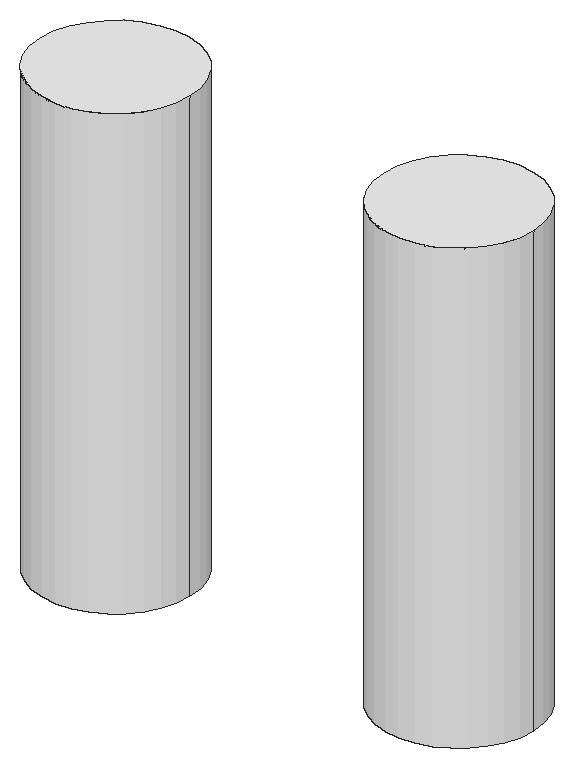
Revit family "65412079(2020)", category Plumbing Fixtures, Revit 2018
Family settings
  Round Connector Dimension = Use Diameter
  Part Type = Normal
  OmniClass Number = 23.45.55.00
  OmniClass Title = Sanitary Faucets, Wastes
  Work Plane-Based = No
  Always vertical = Yes
  Cut with Voids When Loaded = No
  Shared = No
  Room Calculation Point = No
Parameters (values of type "65412079 Washbasin faucet, 12 V, Bluetooth ")
  WorkingPressure = "50 - 1000 kPa"
  Working Pressure = "50 - 1000 kPa"
  WarrantyStartDate [instance] = "n/a"
  WarrantyGuarantorParts = "n/a"
  WarrantyGuarantorLabor = "n/a"
  WarrantyDurationUnit = "Year"
  WarrantyDurationParts = "n/a"
  WarrantyDurationLabor = "n/a"
  WarrantyDescription = "http://warranty.hansa.com"
  Warranty Information URL = "http://warranty.hansa.com"
  VersionDate = "01/07/2022"
  Version = "2"
  ValvePattern = "n/a"
  ValveOperation = "n/a"
  ValveMechanism = "n/a"
  Uniclass2015Reference = "Pr_40_20_87_96"
  Uniclass2015Description = "Washbasin manual water supply sets"
  Uniclass2 = "Pr_40_30_96_96"
  URL WEEE = "http://www.hansa.com/fileadmin/resources/153036_WEEE.pdf"
  URL REACH = "http://static.hansa.com/doc/reach"
  URL Declaration of Conformity = "http://static.hansa.com/DoC/65412079"
  URL = ""
  UNSPSC Class Number = "30181700 Faucets or taps"
  TestPressure = "n/a"
  Temperature Adjustments = "Adjustable hot water stop (included, retrofittable)"
  Temperature = "Temperature limiter (retrofittable)"
  Technical DataSheet URL = "http://www.hansa.com/datasheet/65412079/en"
  TagNumber [instance] = "n/a"
  SustainabilityPerformance = "n/a"
  Surface treatment = "Chrome"
  Spout Type = "Fixed spout"
  Spout Projection = "85 mm"
  Spare-Part Information URL = "http://static.hansa.com/sp/65412079"
  Size = "70x135x125 mm"
  Shape = "Sculptured"
  SerialNumber [instance] = "n/a"
  Sales Package dimensions (LxWxH) = "290 x 210 x 90"
  Revision = "1"
  ReplacementCost = "n/a"
  Protection Class = "IP 55"
  ProductInformation = "n/a"
  Product URL = "http://static.hansa.com/65412079"
  Product Image URL = "http://static.hansa.com/image/65412079"
  Product Family = "HANSAFIT "
  Product Code = "65412079"
  Pressure Loss With Flow 01ls = 200000.0 Pa
  OperatingMechanismMaterial = "n/a"
  Operating Voltage = 912 V
  Operating Distance = "20-130 mm (110/130/160 mm)"
  NominalWidth = 69.5 mm
  NominalHeight = 125 mm
  NominalDepth = 135 mm
  Noise Class = "I (ISO 3822)"
  Name_en = "65412079 Washbasin faucet, 12 V, Bluetooth"
  Name = "65412079 Washbasin faucet, 12 V, Bluetooth"
  NBSReference = "45-35-70/371"
  NBSDescription = "Water supply fittings for wash basins and troughs"
  Mounting Holes = "1 hole"
  ModelReference = "65412079"
  ModelNumber = "n/a"
  Model = "65412079 Washbasin faucet, 12 V, Bluetooth"
  Mobile Product Information URL = "http://mpi.hansa.com/65412079"
  Mechanical Parts = "Mixing valve for manual temperature control;Non-return valve(s);Litter filter(s)"
  Max. Hot Water Supply = 70 °C
  Max Flow Period = "2 min (1 - 1800 s)"
  Material = "Brass"
  Market = "International;Germany;Austria;Switzerland;Belgium;Netherlands;France;Czech Republic;Slovakia;Hungary;Romania;Italy;Spain;Greece;Portugal"
  ManufacturerURL = "http://www.hansa.com"
  ManufacturerName = "HANSA"
  Manufacturer = "HANSA"
  Lever Handle = "Temperature control handle"
  Interactive AR View URL = "https://static.hansa.com/AR/65412079"
  InstallationDate [instance] = "n/a"
  Installation and Maintenance Guide URL = "http://static.hansa.com/manual/65412079"
  Installation Type = "Deck mounted"
  InletConnectionSize = 10 mm
  IfcExportType = "FAUCET"  # constant formula
  IfcExportAs = "IfcValveType"  # constant formula
  Group = "Washbasin faucet"
  Grade = "n/a"
  FlowCoefficient = 0
  Flow Rate At 300kPa With Flow Controller = 0.08 L/s
  Flow Drawing URL = "http://static.hansa.com/flowchart/65412079"
  Finish = "Polished"
  Features = "Touchless;External transformer;Bluetooth®"
  FaucetMainMaterial = Brass
  FDV Document URL = "http://www.hansa.com/datasheet/65412079/en/fdv"
  ExpectedLife = "n/a"
  Excluded Items = "Without transformer;Without pop-up waste;Without draw-rod opening"
  Electronic Parts = "Autofocus infrared sensor;Solenoid valve"
  Electrical Connection = "9 / 12 V"
  ETIM Class Number = "EC010340 Electronic tap"
  EN Standard = "EN 15091"
  EMC Directive = "2014/53/EU , 2011/65/EU"
  EAN Number = "4057304015649"
  DurationUnit = "Year"
  Dimension Drawing URL = "http://static.hansa.com/dimdrw/65412079"
  Description = ""
  DefaultElevation [instance] = 900 mm
  Constituents = "Single lever"
  Connection Size = "G3/8"
  Connection = "Flexible inlet pipes"
  Color = "Chrome"
  CodePerformance = "n/a"
  CloseOffRating = 0
  Category = "Bathroom;Public & Semi-public"
  Catalog Drawing URL = "http://static.hansa.com/catdrw/65412079"
  Brand = "HANSA"
  BodyMaterial = "Brass"
  Bluetooth = "4.x"
  Barcode [instance] = "n/a"
  Backflow Prevention EN1717 = "AA"
  BIMObjectName = "65412079(2020)"
  Automatic Flush Period = "30 s (1-1800 s)"
  Automatic Flush Frequency = "off (off/1-120 h)"
  Author = "BIMStone"
  AssetType = "Fixed"
  AssetIdentifier [instance] = "n/a"
  Afterflow Period = "3 s (1-20 s)"
  Aerator = "Hidden aerator"
  Advanced Features = "Software settings adjustable via App"
  AccessibilityPerformance = "n/a"
  3D View = "https://static.hansa.com/3D/65412079"
  2D/3D/BIM Files URL = "http://static.hansa.com/bim/65412079"
Reference planes
  plane 1 "Center (Front/Back)": y = 0
  plane 2: z = 0
  plane 3 "Center (Left/Right)": x = 0
  plane 4: x = -30
  plane 5: z = 1025
  plane 6: z = 900
  plane 7: z = 870
  plane 8: y = -135
  plane 9: x = 30
  plane 10: x = 39.5
Forms (mm)
  Extrusion 1, solid, material "Brass" <- "FaucetMainMaterial"
    sketch origin (0, -7.508, 0) x (1, 0, 0) y (0, 1, 0)
      loop
        circle (-11.5, -22.5) r 5
      loop
        circle (11.5, -22.5) r 5
    from 870 to 900
Dimensions and locks
  "NominalHeight": plane 5 to plane 6
  "DefaultElevation": plane 6 to level
  locked: plane 6 to plane 7 at 30
  "NominalDepth": plane 8 to plane 1 "Center (Front/Back)"
  equal spacing: plane 4, plane 3 "Center (Left/Right)", plane 9
  "NominalWidth": plane 4 to plane 10
  locked: plane 9 to plane 10 at 9.5
  "InletConnectionSize": diameter of Extrusion 1 sketch curve  (x2)
  aligned and locked: level to plane 2
  aligned and locked: plane 6 to Extrusion 1
  aligned and locked: Extrusion 1 to plane 7
  aligned and locked: plane 3 "Center (Left/Right)" to nested 2
  aligned and locked: plane 1 "Center (Front/Back)" to nested 2
  aligned and locked: nested 2 to plane 6
Automatic sketch dimensions
  Extrusion 1 sketch curve to plane 3 "Center (Left/Right)" = 11.5 mm
  plane 3 "Center (Left/Right)" to Extrusion 1 sketch curve = 11.5 mm
  plane 1 "Center (Front/Back)" to Extrusion 1 sketch curve = 30.008 mm  (x2)
Nested families
  nested 1: "Symbol" at (0, 0, 0), type "Symbol", detail levels coarse
  nested 2: "65412079_p" at (0, 0, 900), Material <- "FaucetMainMaterial", type "65412079_p"
    with Material Brass
Connectors
  piping at (-11.5, -30.008, 870), diameter 10, driven by "InletConnectionSize"
    settings: on Extrusion 1, index 1, connector inside diameter 609.6 mm, connector length 0 mm, flow factor 0, pipe flow 0.08 L/s, pressure drop 0.0 Pa, fitting loss kfactor 0, connector angle 0.00°, fixture units 0, engagement length 0 mm, angle of deflection 0.00°, flow configuration 1, flow direction 1, fitting loss method 0, system type 19, joint type 0, gender type 0, connector reference index -1, connector utility 0, adjustable connector no, is connector primary yes, connector description ""
  piping at (11.5, -30.008, 870), diameter 10, driven by "InletConnectionSize"
    settings: on Extrusion 1, index 2, connector inside diameter 609.6 mm, connector length 0 mm, flow factor 0, pipe flow 0.08 L/s, pressure drop 0.0 Pa, fitting loss kfactor 0, connector angle 0.00°, fixture units 0, engagement length 0 mm, angle of deflection 0.00°, flow configuration 1, flow direction 1, fitting loss method 0, system type 20, joint type 0, gender type 0, connector reference index -1, connector utility 0, adjustable connector no, is connector primary no, connector description ""
Definition of nested family "Symbol"
  Reference planes
    plane 1: y = 0
    plane 2: x = 0
  Lines and regions (mm)
    detail lines
      curve 1: line (0, 0, 0) -> (0, -1.8, 0)
      curve 2: line (-0.4, -1.1, 0) -> (0.4, -1.1, 0)
      curve 3: line (-0.4, -1.4, 0) -> (0.4, -1.4, 0)
      curve 4: line (0.863, 0, 0) -> (-0.863, 0, 0)
      curve 5: circle (-1.163, 0, 0) r 0.3 normal (0, 0, -1)
      curve 6: circle (1.163, 0, 0) r 0.3 normal (0, 0, 1)
Definition of nested family "65412079_p"
  Parameters (values of type "65412079_p")
    Material [instance] = none
  Reference planes
    plane 1 "Center (Front/Back)": y = 0
    plane 2: z = 0
    plane 3 "Center (Left/Right)": x = 0
    plane 4: x = -30
    plane 5: z = 125
    plane 6: x = 39.5
    plane 7: x = 30
    plane 8: y = -135
  Forms (mm)
    Extrusion 1, solid, material <- "Material", detail levels medium
      sketch origin (0, 0, -900) x (0, 1, 0) y (0, 0, 1)
        loop
          line (0, 900) -> (-15.35, 1025) -> (-135, 987.771) -> (-104.1, 966.135) -> (-63.919, 974.771) -> (-60, 900) -> (0, 900)
      from -30 to 30
    Extrusion 2, solid, material <- "Material", detail levels medium
      sketch origin (0, 0, -900) x (0, 1, 0) y (0, 0, 1)
        loop
          arc (-39.299, 920.025) -> (-31.49, 910.287) -> (-23.681, 920.025) r 8
          line (-23.681, 920.025) -> (-27.649, 937.85) -> (-35.332, 937.85) -> (-39.299, 920.025)
      from 30 to 39.5
    Extrusion 3, solid, material <- "Material", detail levels coarse
      sketch origin (0, 0, -900) x (1, 0, 0) y (0, 1, 0)
        loop
          line (-30, 0) -> (-30, -135) -> (39.5, -135) -> (39.5, 0) -> (-30, 0)
      from 900 to 1025
  Cuts and joins
    joined: Extrusion 1, Extrusion 2
  Lines and regions (mm)
    symbolic lines, detail levels medium+fine
      curve 1: spline (13.943, -128.56, 0) -> (12.274, -130.409, 0) -> (10.26, -131.998, 0) -> (7.958, -133.284, 0) -> (5.433, -134.228, 0) -> (2.755, -134.806, 0) -> (0, -135, 0) -> (-2.755, -134.806, 0) -> (-5.433, -134.228, 0) -> (-7.958, -133.284, 0) -> (-10.26, -131.998, 0) -> (-12.274, -130.409, 0) -> (-13.943, -128.56, 0)
      curve 3: line (16.878, -121.158, 0) -> (22.087, -50.302, 0)
      curve 5: spline (16.878, -121.158, 0) -> (16.857, -121.813, 0) -> (16.794, -122.466, 0) -> (16.69, -123.116, 0) -> (16.543, -123.762, 0) -> (16.356, -124.4, 0) -> (16.128, -125.031, 0) -> (15.859, -125.652, 0) -> (15.552, -126.262, 0) -> (15.205, -126.859, 0) -> (14.821, -127.442, 0) -> (14.4, -128.009, 0) -> (13.943, -128.56, 0)
      curve 6: line (-22.087, -50.302, 0) -> (-16.878, -121.158, 0)
      curve 8: arc (22.087, -50.302, 0) -> (25.85, -45.224, 0) -> (28.466, -39.471, 0) r 30
      curve 9: spline (-13.943, -128.56, 0) -> (-14.4, -128.009, 0) -> (-14.821, -127.442, 0) -> (-15.205, -126.859, 0) -> (-15.552, -126.262, 0) -> (-15.859, -125.652, 0) -> (-16.128, -125.031, 0) -> (-16.356, -124.4, 0) -> (-16.543, -123.762, 0) -> (-16.69, -123.116, 0) -> (-16.794, -122.466, 0) -> (-16.857, -121.813, 0) -> (-16.878, -121.158, 0)
      curve 12: line (35.255, -39.471, 0) -> (28.466, -39.471, 0)
      curve 14: arc (29.281, -23.471, 0) -> (-13.889, -3.409, 0) -> (-22.087, -50.302, 0) r 30
      curve 16: spline (35.255, -39.471, 0) -> (36.353, -39.198, 0) -> (37.377, -38.399, 0) -> (38.257, -37.128, 0) -> (38.931, -35.471, 0) -> (39.355, -33.541, 0) -> (39.5, -31.471, 0) -> (39.355, -29.4, 0) -> (38.931, -27.471, 0) -> (38.257, -25.814, 0) -> (37.377, -24.543, 0) -> (36.353, -23.743, 0) -> (35.255, -23.471, 0)
      curve 18: line (29.281, -23.471, 0) -> (35.255, -23.471, 0)
      curve 19: line (-30, 0, 0) -> (30, 0, 0)
      curve 20: line (30, 0, 0) -> (29.204, 0, 10.488)
      curve 21: line (-22.5, 0, 98.82) -> (-30, 0, 0)
      curve 22: spline (22.5, 0, 98.82) -> (21.733, 0, 105.596) -> (19.486, 0, 111.91) -> (15.91, 0, 117.332) -> (11.25, 0, 121.493) -> (5.823, 0, 124.108) -> (0, 0, 125) -> (-5.823, 0, 124.108) -> (-11.25, 0, 121.493) -> (-15.91, 0, 117.332) -> (-19.486, 0, 111.91) -> (-21.733, 0, 105.596) -> (-22.5, 0, 98.82)
      curve 23: line (29.204, 0, 10.488) -> (37.5, 0, 10.488)
      curve 24: line (39.5, 0, 12.488) -> (39.5, 0, 37.221)
      curve 25: line (35.544, 0, 36.534) -> (32.425, 0, 26.331)
      curve 26: line (28.002, 0, 26.331) -> (32.425, 0, 26.331)
      curve 27: line (28.002, 0, 26.331) -> (22.5, 0, 98.82)
      curve 28: arc (37.5, 0, 10.488) -> (38.914, 0, 11.074) -> (39.5, 0, 12.488) r 2
      curve 29: arc (36.151, 0, 37.251) -> (35.774, 0, 36.955) -> (35.544, 0, 36.534) r 1.19
      curve 30: arc (38.767, 0, 37.924) -> (37.423, 0, 37.726) -> (36.151, 0, 37.251) r 6.452
      curve 31: arc (39.5, 0, 37.221) -> (39.284, 0, 37.729) -> (38.767, 0, 37.924) r 0.704
      curve 41: line (0, -0.016, 0) -> (0, -60, 0)
      curve 42: line (0, -60, 0) -> (0, -60.746, 14.227)
      curve 43: line (0, -71.326, 73.179) -> (0, -105.096, 65.921)
      curve 44: line (0, -134.147, 85.872) -> (0, -105.88, 66.079)
      curve 45: line (0, -133.586, 89.423) -> (0, -17.632, 124.95)
      curve 46: line (0, -15.06, 123.28) -> (0, -0.016, 0)
      curve 47: arc (0, -63.528, 67.325) -> (0, -66.059, 72.075) -> (0, -71.326, 73.179) r 6.354
      curve 48: arc (0, -134.147, 85.872) -> (0, -134.975, 87.823) -> (0, -133.586, 89.423) r 2
      curve 49: arc (0, -105.096, 65.921) -> (0, -105.504, 65.918) -> (0, -105.88, 66.079) r 1
      curve 50: arc (0, -17.632, 124.95) -> (0, -15.956, 124.715) -> (0, -15.06, 123.28) r 2
      curve 51: arc (0, -62.05, 39.118) -> (0, -63.158, 35.556) -> (0, -61.684, 32.128) r 5.385
      curve 52: arc (0, -61.112, 21.218) -> (0, -62.215, 17.655) -> (0, -60.746, 14.227) r 5.4
      curve 53: line (0, -61.112, 21.218) -> (0, -61.684, 32.128)
      curve 55: line (0, -62.05, 39.118) -> (0, -63.528, 67.325)
    symbolic lines, detail levels fine
      curve 2: line (-22.477, -44.998, 0) -> (-22.087, -50.302, 0)
      curve 4: spline (22.477, -44.998, 0) -> (21.711, -38.01, 0) -> (19.465, -31.498, 0) -> (15.893, -25.906, 0) -> (11.238, -21.615, 0) -> (5.817, -18.918, 0) -> (0, -17.998, 0) -> (-5.817, -18.918, 0) -> (-11.238, -21.615, 0) -> (-15.893, -25.906, 0) -> (-19.465, -31.498, 0) -> (-21.711, -38.01, 0) -> (-22.477, -44.998, 0)
      curve 7: line (22.087, -50.302, 0) -> (22.477, -44.998, 0)
      curve 10: spline (13.943, -128.56, 0) -> (12.226, -130.213, 0) -> (10.189, -131.629, 0) -> (7.885, -132.771, 0) -> (5.374, -133.609, 0) -> (2.723, -134.12, 0) -> (0, -134.292, 0) -> (-2.723, -134.12, 0) -> (-5.374, -133.609, 0) -> (-7.885, -132.771, 0) -> (-10.189, -131.629, 0) -> (-12.226, -130.213, 0) -> (-13.943, -128.56, 0)
      curve 11: line (27.518, -23.471, 0) -> (29.281, -23.471, 0)
      curve 13: arc (27.518, -23.471, 0) -> (28.244, -31.471, 0) -> (27.518, -39.471, 0) r 44.424
      curve 15: spline (35.255, -23.471, 0) -> (34.156, -23.743, 0) -> (33.132, -24.543, 0) -> (32.253, -25.814, 0) -> (31.578, -27.471, 0) -> (31.154, -29.4, 0) -> (31.009, -31.471, 0) -> (31.154, -33.541, 0) -> (31.578, -35.471, 0) -> (32.253, -37.128, 0) -> (33.132, -38.399, 0) -> (34.156, -39.198, 0) -> (35.255, -39.471, 0)
      curve 17: line (28.466, -39.471, 0) -> (27.518, -39.471, 0)
      curve 32: arc (28.002, 0, 26.331) -> (27.645, 0, 18.337) -> (29.204, 0, 10.488) r 33.318
      curve 33: circle (0, 0, 35.757) r 3.5 normal (0, -1, 0)
      curve 34: circle (0, 0, 17.806) r 3.5 normal (0, -1, 0)
      curve 35: spline (17.5, 0, 77.391) -> (16.904, 0, 80.471) -> (15.155, 0, 83.341) -> (12.374, 0, 85.806) -> (8.75, 0, 87.698) -> (4.529, 0, 88.886) -> (0, 0, 89.292) -> (-4.529, 0, 88.886) -> (-8.75, 0, 87.698) -> (-12.374, 0, 85.806) -> (-15.155, 0, 83.341) -> (-16.904, 0, 80.471) -> (-17.5, 0, 77.391) -> (-16.904, 0, 74.31) -> (-15.155, 0, 71.44) -> (-12.374, 0, 68.975) -> (-8.75, 0, 67.084) -> (-4.529, 0, 65.895) -> (0, 0, 65.489) -> (4.529, 0, 65.895) -> (8.75, 0, 67.084) -> (12.374, 0, 68.975) -> (15.155, 0, 71.44) -> (16.904, 0, 74.31) -> (17.5, 0, 77.391)
      curve 36: spline (16.04, 0, 77.391) -> (15.493, 0, 79.979) -> (13.891, 0, 82.391) -> (11.342, 0, 84.462) -> (8.02, 0, 86.051) -> (4.151, 0, 87.05) -> (0, 0, 87.391) -> (-4.151, 0, 87.05) -> (-8.02, 0, 86.051) -> (-11.342, 0, 84.462) -> (-13.891, 0, 82.391) -> (-15.493, 0, 79.979) -> (-16.04, 0, 77.391) -> (-15.493, 0, 74.802) -> (-13.891, 0, 72.391) -> (-11.342, 0, 70.319) -> (-8.02, 0, 68.73) -> (-4.151, 0, 67.731) -> (0, 0, 67.391) -> (4.151, 0, 67.731) -> (8.02, 0, 68.73) -> (11.342, 0, 70.319) -> (13.891, 0, 72.391) -> (15.493, 0, 74.802) -> (16.04, 0, 77.391)
      curve 37: spline (10.857, 0, 75.766) -> (10.487, 0, 77.3) -> (9.403, 0, 78.73) -> (7.677, 0, 79.958) -> (5.429, 0, 80.9) -> (2.81, 0, 81.492) -> (0, 0, 81.694) -> (-2.81, 0, 81.492) -> (-5.429, 0, 80.9) -> (-7.677, 0, 79.958) -> (-9.403, 0, 78.73) -> (-10.487, 0, 77.3) -> (-10.857, 0, 75.766) -> (-10.487, 0, 74.231) -> (-9.403, 0, 72.801) -> (-7.677, 0, 71.573) -> (-5.429, 0, 70.631) -> (-2.81, 0, 70.039) -> (0, 0, 69.837) -> (2.81, 0, 70.039) -> (5.429, 0, 70.631) -> (7.677, 0, 71.573) -> (9.403, 0, 72.801) -> (10.487, 0, 74.231) -> (10.857, 0, 75.766)
      curve 38: spline (7.476, 0, 75.766) -> (7.221, 0, 76.868) -> (6.474, 0, 77.896) -> (5.286, 0, 78.778) -> (3.738, 0, 79.455) -> (1.935, 0, 79.88) -> (0, 0, 80.026) -> (-1.935, 0, 79.88) -> (-3.738, 0, 79.455) -> (-5.286, 0, 78.778) -> (-6.474, 0, 77.896) -> (-7.221, 0, 76.868) -> (-7.476, 0, 75.766) -> (-7.221, 0, 74.663) -> (-6.474, 0, 73.636) -> (-5.286, 0, 72.753) -> (-3.738, 0, 72.076) -> (-1.935, 0, 71.651) -> (0, 0, 71.506) -> (1.935, 0, 71.651) -> (3.738, 0, 72.076) -> (5.286, 0, 72.753) -> (6.474, 0, 73.636) -> (7.221, 0, 74.663) -> (7.476, 0, 75.766)
      curve 39: line (-22.5, 0, 98.82) -> (-17.5, 0, 77.391)
      curve 40: line (22.5, 0, 98.82) -> (17.5, 0, 77.391)
      curve 54: line (0, -60.746, 14.227) -> (0, -61.112, 21.218)
      curve 56: line (0, -61.684, 32.128) -> (0, -62.05, 39.118)
  Dimensions and locks
    aligned and locked: level to plane 2
    aligned and locked: Extrusion 1 to plane 4
    aligned and locked: plane 6 to Extrusion 2
    aligned and locked: plane 5 to Extrusion 3
